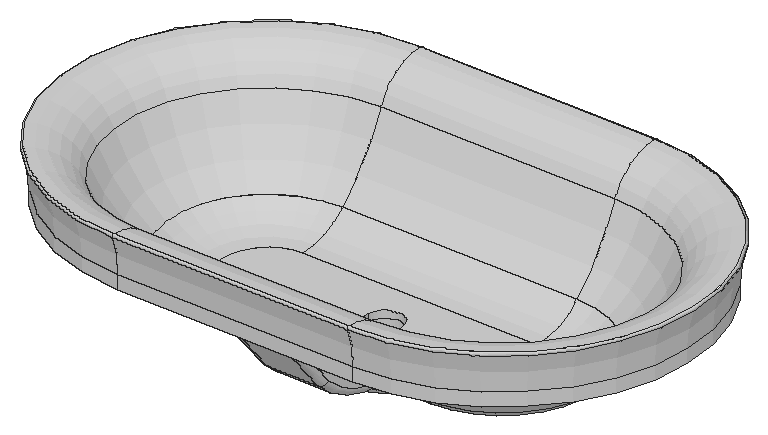
Revit family "Basin-Vanity_Sink-American_Standard-Studio_S-1296000", category Plumbing Fixtures, Revit 2019
Family settings
  Round Connector Dimension = Use Diameter
  Part Type = Normal
  OmniClass Number = 23.45.05.14.14
  OmniClass Title = Sinks/Lavatories
  Work Plane-Based = Yes
  Always vertical = No
  Cut with Voids When Loaded = Yes
  Shared = Yes
  Room Calculation Point = No
Parameters (values of type "1296000.020")
  Width = 22 1/2"  # constant formula
  Waste Connection Diameter = 1 1/4"  # constant formula
  Waste Connection = yes
  Warranty Documentation Link = "https://www.americanstandard-us.com/parts-support/warranty"
  WFU = 2
  Vent Connection = no
  URL = "http://www.americanstandard-us.com/"
  Type Comments = "ADA Not compliant when used with optional furniture."
  Sink To Front Edge = if(Sink to Front Edge Constraint < 3", 3", Sink to Front Edge Constraint)  # 3"
  Revised Date = "10/18/2021"  # constant formula
  Product Page URL = "https://www.americanstandard-us.com/Above-Counter-Sinks-with-Vessel/Studio-S-Above-Counter-Oval-Sink/WHITE-1296000020"
  Product Documentation Link = "https://americanstandard.box.com/shared/static/fsn3m6k44rciohy1sfkn4swwe5k93yeo.pdf"
  Price = "Prices may vary. Please consult Manufacturer Representative for most up-to-date price list."  # constant formula
  Model = "1296000.020"
  Material = "Vitreous China-American Standard-020-White"
  Manufacturer = "American Standard"  # constant formula
  Length = 14"  # constant formula
  Installation Type = "Counter"  # constant formula
  Height = 1 7/8"  # constant formula
  HWFU = 1.5
  HW Connection = yes
  Sink to Front Edge Constraint = 0"
  Finished Wall to Faucet Constraint = 0"
  Finished Wall to Faucet = if(Finished Wall to Faucet Constraint < 1 1/2", 1 1/2", Finished Wall to Faucet Constraint)  # 1 1/2"
  Finish = Vitreous China-American Standard-020-White
  Faucet to Sink Constraint = 0"
  Faucet to Sink = if(Faucet to Sink Constraint < 2", 2", Faucet to Sink Constraint)  # 2"
  Description = "Studio® S Above Counter Sink and Optional Furniture VITREOUS CHINA  BARRIER FREE"
  Default Elevation = 31"
  Creation Date = "5/07/2018"  # constant formula
  Connection Size = 1/2"  # constant formula
  CWFU = 1.5
  CW Connection = yes
  Basin Shape = "Oval"  # constant formula
  Assembly Code = "D2010310"
  ASME A112.18.1/CSA B125.1 = yes
  ADA Compliant = yes
  8726033 33" Double Drawer Vanity = no
  87222000 Vanity leg set = no
  8727000 Vanity Middle = no
  7813001 Above Counter Sink top with CHO hole = no
  7720018 Optional decorative p-trap drain = no
Reference planes
  plane 1 "Center (Front/Back)": y = 0
  plane 2: z = 0
  plane 3 "Center (Left/Right)": x = 0
  plane 4: z = 47.625
  plane 5: z = -273.05
  plane 6: z = -327.025
  plane 7: x = 101.6
  plane 8: x = -101.6
  plane 9: z = -69.85
  plane 10: x = -285.75
  plane 11: x = 285.75
  plane 12: y = -88.9
  plane 13: y = -266.7
  plane 14: x = -101.6
  plane 15: x = 101.6
  plane 16: z = -104.775
  plane 17: z = 3.175
  plane 18: y = -444.5
  plane 19: y = -38.1
  plane 20: z = -787.4
  plane 21: y = -520.7
Forms (mm)
  Extrusion 1, solid, not visible
    sketch origin (0, 0, 0) x (1, 0, 0) y (0, 0, 1)
      loop
        circle (0, -327.025) r 15.875
      loop
        circle (101.6, -273.05) r 6.35
      loop
        circle (-101.6, -273.05) r 6.35
    from 0 to 0.794
  Sweep 2, solid, material "Vitreous China-American Standard-020-White" <- "Finish"
    path origin (-136.337, -4572, 47.625) x (1, 0, 0) y (0, -1, 0)
      loop
        line (28.369, -4483.1) -> (244.3, -4483.1)
        arc (244.3, -4483.1) -> (422.1, -4305.3) -> (244.3, -4127.5) r 177.8
        line (244.3, -4127.5) -> (28.369, -4127.5)
        arc (28.369, -4127.5) -> (-149.431, -4305.3) -> (28.369, -4483.1) r 177.8
    profile origin (-0.003, -88.9, 47.625) x (0, 1, 0) y (0, 0, 1)
      loop
        arc (-136.846, -117.475) -> (-109.965, -112.386) -> (-86.805, -97.822) r 73.534
        arc (-86.805, -97.822) -> (-69.405, -79.259) -> (-54.734, -58.472) r 183.853
        arc (-54.734, -58.472) -> (-51.087, -52.913) -> (-47.059, -47.625) r 94.429
        line (-47.059, -47.625) -> (-6.242, -47.625) -> (-6.242, -35.262)
        arc (-6.242, -35.262) -> (-4.697, -18.538) -> (-0.116, -2.38) r 91.314
        arc (-0.116, -2.38) -> (-0.29, -0.795) -> (-1.684, -0.02) r 1.735
        arc (-1.684, -0.02) -> (-29.244, -7.778) -> (-47.452, -29.873) r 47.884
        arc (-47.452, -29.873) -> (-65.82, -63.915) -> (-91.126, -93.169) r 177.503
        arc (-91.126, -93.169) -> (-112.286, -106.475) -> (-136.846, -111.125) r 67.184
        line (-136.846, -111.125) -> (-145.383, -111.125) -> (-145.383, -117.475) -> (-136.846, -117.475)
  Extrusion 3, solid, material "Vitreous China-American Standard-020-White" <- "Finish"
    sketch origin (0, 96.837, 0) x (1, 0, 0) y (0, 1, 0)
      loop
        arc (-107.969, -331.12) -> (-140.386, -363.538) -> (-107.969, -395.955) r 32.417
        line (-107.969, -395.955) -> (107.962, -395.955)
        arc (107.962, -395.955) -> (140.379, -363.538) -> (107.962, -331.12) r 32.417
        line (107.962, -331.12) -> (-107.969, -331.12)
    from -69.85 to -63.5
  Revolve 4, solid, material "Vitreous China-American Standard-020-White" <- "Finish"
    sketch origin (1524, -266.7, 1219.2) x (1, 0, 0) y (0, 0, 1)
      loop
        line (-1539.875, -1323.975) -> (-1539.875, -1289.05) -> (-1567.548, -1289.05)
        arc (-1567.548, -1289.05) -> (-1563.44, -1291.391) -> (-1561.509, -1295.708) r 7.607
        line (-1561.509, -1295.708) -> (-1558.99, -1319.691)
        arc (-1558.99, -1319.691) -> (-1557.433, -1322.746) -> (-1554.233, -1323.975) r 4.783
        line (-1554.233, -1323.975) -> (-1539.875, -1323.975)
      axis (-1524, -1289.05) -> (-1524, -1323.975)
    angle from 0 to 360
  Sweep 5, solid, material "Vitreous China-American Standard-020-White" <- "Finish"
    path origin (0, 93.662, 14.287) x (0, 1, 0) y (0, 0, 1)
      loop
        arc (-531.425, -0.028) -> (-518.304, -13.033) -> (-506.869, -27.543) r 151.003
        arc (-506.869, -27.543) -> (-487.756, -52.709) -> (-466.537, -76.125) r 364.721
        arc (-466.537, -76.125) -> (-435.728, -96.908) -> (-399.289, -104.211) r 94.551
        line (-399.289, -104.211) -> (-379.413, -104.211)
    profile origin (0, -295.688, -89.924) x (0, 0, 1) y (1, 0, 0)
      loop
        arc (0, -23.684) -> (1.86, -28.174) -> (6.35, -30.034) r 6.35
        line (6.35, -30.034) -> (24.368, -30.034) -> (24.368, 30.034) -> (6.35, 30.034)
        arc (6.35, 30.034) -> (1.86, 28.174) -> (0, 23.684) r 6.35
        line (0, 23.684) -> (0, -23.684)
      loop
        line (21.193, -26.859) -> (21.193, 26.859) -> (6.35, 26.859)
        arc (6.35, 26.859) -> (4.105, 25.929) -> (3.175, 23.684) r 3.175
        line (3.175, 23.684) -> (3.175, -23.684)
        arc (3.175, -23.684) -> (4.105, -25.929) -> (6.35, -26.859) r 3.175
        line (6.35, -26.859) -> (21.193, -26.859)
  Revolve 6, void
    sketch origin (0, -9.14, 273.232) x (0, 0.829038, 0.559193) y (0, -0.559193, 0.829038)
      loop
        line (-482.855, -13.808) -> (-457.876, -13.808) -> (-457.876, -4.082) -> (-482.855, -4.082) -> (-482.855, -13.808)
      axis (-482.855, -13.808) -> (-457.876, -13.808)
    angle from 0 to 360
  Extrusion 7, void
    sketch origin (0, 96.837, 0) x (1, 0, 0) y (0, 1, 0)
      loop
        circle (0, -363.538) r 15.875
    from -119.063 to 0
Cuts and joins
  Revolve 6, Extrusion 7 cuts Sweep 2
  Extrusion 7 cuts Extrusion 3
  Extrusion 7 cuts Revolve 4
  Revolve 6, Extrusion 7 cuts Sweep 5
  joined: Sweep 2, Extrusion 3, Revolve 4, Sweep 5
Lines and regions (mm)
  Masking region 1
    outline origin (-136.337, -4572, 47.625) x (0, -1, 0) y (1, 0, 0)
      loop
        line (-4483.1, 244.3) -> (-4483.1, 28.369)
        arc (-4483.1, 28.369) -> (-4305.3, -149.406) -> (-4127.525, 28.369) r 177.775
        line (-4127.525, 28.369) -> (-4127.5, 244.3)
        arc (-4127.5, 244.3) -> (-4305.3, 422.075) -> (-4483.1, 244.3) r 177.775
  symbolic lines, detail levels medium+fine
    curve 1: spline (9.648, -388.666, 0) -> (9.317, -389.864, 0) -> (8.35, -390.98, 0) -> (6.81, -391.938, 0) -> (4.804, -392.673, 0) -> (2.468, -393.135, 0) -> (-0.039, -393.293, 0) -> (-2.546, -393.135, 0) -> (-4.883, -392.673, 0) -> (-6.889, -391.938, 0) -> (-8.428, -390.98, 0) -> (-9.396, -389.864, 0) -> (-9.726, -388.666, 0) -> (-9.396, -387.469, 0) -> (-8.428, -386.353, 0) -> (-6.889, -385.395, 0) -> (-4.883, -384.66, 0) -> (-2.546, -384.198, 0) -> (-0.039, -384.04, 0) -> (2.468, -384.198, 0) -> (4.804, -384.66, 0) -> (6.81, -385.395, 0) -> (8.35, -386.353, 0) -> (9.317, -387.469, 0) -> (9.648, -388.666, 0)
    curve 2: circle (0, -266.7, 0) r 15.875 normal (0, 0, 1)
  symbolic lines, detail levels fine
    curve 3: line (107.962, -95.25, 47.625) -> (-107.969, -95.25, 47.625)
    curve 4: arc (-107.969, -95.275, 47.625) -> (-279.394, -266.7, 47.625) -> (-107.969, -438.125, 47.625) r 171.425
    curve 5: line (-107.969, -438.15, 47.625) -> (107.962, -438.15, 47.625)
    curve 6: arc (107.962, -438.125, 47.625) -> (279.388, -266.7, 47.625) -> (107.962, -95.275, 47.625) r 171.425
Dimensions and locks
  "Height": plane 4 to plane 2
  plane 4 to plane 9 = 4 5/8"
  locked: level to plane 5 at 273.05
  locked: level to plane 6 at 327.025
  locked: plane 8 to plane 7 at 203.2
  equal spacing: plane 18, plane 13, plane 12
  equal spacing: plane 10, plane 3 "Center (Left/Right)", plane 11
  "Width": plane 10 to plane 11
  plane 4 to plane 16 = 6"
  locked: plane 17 to level at 3.175
  "Length": plane 18 to plane 12
  "Faucet to Sink": plane 19 to plane 12
  "Finished Wall to Faucet": plane 1 "Center (Front/Back)" to plane 19
  "Default Elevation": plane 20 to level
  "Sink To Front Edge": plane 21 to plane 18
  aligned and locked: Extrusion 3 sketch curve to cut or joined group of Sweep 2, Extrusion 3, Revolve 4, Sweep 5, Revolve 6, Extrusion 7  (x2)
  aligned and locked: plane 9 to Extrusion 3
  aligned and locked: plane 13 to Extrusion 7 sketch curve
  aligned and locked: plane 3 "Center (Left/Right)" to Extrusion 7 sketch curve
  aligned and locked: level to Extrusion 7
  aligned and locked: curve 2 to cut or joined group of Sweep 2, Extrusion 3, Revolve 4, Sweep 5, Revolve 6, Extrusion 7
  aligned and locked: Sweep 2 to Extrusion 3
  aligned and locked: Extrusion 1 to plane 1 "Center (Front/Back)"
  aligned and locked: plane 3 "Center (Left/Right)" to cut or joined group of Sweep 2, Extrusion 3, Revolve 4, Sweep 5, Revolve 6, Extrusion 7
Automatic sketch dimensions
  Extrusion 1 sketch curve to plane 5 = 0"  (x2)
  plane 8 to Extrusion 1 sketch curve = 0"
  Extrusion 1 sketch curve to plane 3 "Center (Left/Right)" = 0"
  Extrusion 1 sketch curve to plane 7 = 0"
  Extrusion 1 sketch curve to plane 6 = 0"
  Sweep 2 sketch curve to plane 8 = 0.25073"
  Sweep 2 sketch curve to plane 7 = 0.25049"
  plane 12 to Sweep 2 sketch curve = 0"
  plane 13 to Sweep 2 sketch curve = 0"
  Revolve 4 sketch curve to plane 9 = 0"
  Revolve 4 sketch curve to plane 16 = 0"
  Revolve 4 sketch curve to plane 3 "Center (Left/Right)" = 0"
  Revolve 4 sketch curve to plane 3 "Center (Left/Right)" = 5/8"
  Revolve 4 sketch curve to Revolve 4 sketch curve = 0.56526"
  Revolve 4 sketch curve to plane 16 = 0.16864"
  Revolve 4 sketch curve to Revolve 4 sketch curve = 0.18728"
  plane 9 to Revolve 4 sketch curve = 0.26212"
  Revolve 4 sketch curve to Revolve 4 sketch curve = 0.85172"
  Revolve 4 sketch curve to Revolve 4 sketch curve = 0.23778"
  plane 9 to Revolve 4 sketch curve = 0.2934"
  plane 16 to Revolve 4 sketch curve = 1.11474"
  Revolve 4 sketch curve to Revolve 4 sketch curve = 1/2"
  Sweep 5 sketch curve to plane 16 = 0.21596"
  plane 18 to Sweep 5 sketch curve = 3.65367"
  plane 17 to Sweep 5 sketch curve = 0.05718"
  plane 13 to Sweep 5 sketch curve = 1.53254"
  plane 12 to Sweep 5 sketch curve = 0.96743"
  Sweep 5 sketch curve to plane 16 = 0.58469"
  plane 4 to Sweep 5 sketch curve = 5.78423"
  Sweep 5 sketch curve to plane 18 = 0.26527"
  Sweep 5 sketch curve to level = 0.52188"
  Sweep 5 sketch curve to Sweep 5 sketch curve = 0"  (x5)
  plane 13 to Sweep 5 sketch curve = 3/4"
  Sweep 5 sketch curve to profile plane = 0"
  Sweep 5 sketch curve to profile plane = 1/8"
  Sweep 5 sketch curve to Sweep 5 sketch curve = 1/8"  (x2)
  Sweep 5 sketch curve to profile plane = 1/4"
  Sweep 5 sketch curve to Sweep 5 sketch curve = 0.58439"
  Sweep 5 sketch curve to plane 3 "Center (Left/Right)" = 1.18245"
  plane 3 "Center (Left/Right)" to Sweep 5 sketch curve = 0.93245"
  Revolve 6 sketch curve to level = 0.32382"
  Revolve 6 sketch curve to plane 18 = 1.68409"
  Revolve 6 sketch curve to Revolve 6 sketch curve = 0.98344"
  Revolve 6 sketch curve to Revolve 6 sketch curve = 0.3829"
  Revolve 6 sketch curve to Revolve 6 sketch curve = 0.42789"
  Revolve 6 sketch curve to Revolve 6 sketch curve = 0.14344"
  Revolve 6 sketch curve to Revolve 6 sketch curve = 0"
  curve 1 to plane 3 "Center (Left/Right)" = 0.00154"
  plane 3 "Center (Left/Right)" to curve 1 = 0.37983"
  curve 1 to plane 18 = 2.19817"
  Masking region 1 sketch curve to plane 12 = 0"
  plane 13 to Masking region 1 sketch curve = 0"  (x2)
  plane 10 to Masking region 1 sketch curve = 6.99927"  (x2)
  Masking region 1 sketch curve to plane 11 = 6.99951"  (x2)
  plane 18 to Masking region 1 sketch curve = 0"
  plane 7 to Masking region 1 sketch curve = 0.25049"
  plane 8 to Masking region 1 sketch curve = 0.25073"
  plane 12 to Masking region 1 sketch curve = 0.00098"  (x2)
  Sweep 2 sketch curve to Sweep 2 sketch curve = 0"  (x8)
  plane 4 to Sweep 2 sketch curve = 1.45252"
  profile plane to Sweep 2 sketch curve = 8.34326"
  profile plane to Sweep 2 sketch curve = 5.72374"
  Sweep 2 sketch curve to Sweep 2 sketch curve = 0.33612"
  profile plane to Sweep 2 sketch curve = 1.85271"
  Sweep 2 sketch curve to Sweep 2 sketch curve = 0.12433"
  profile plane to Sweep 2 sketch curve = 0.06831"
  Sweep 2 sketch curve to profile plane = 1.02357"
  Sweep 2 sketch curve to plane 4 = 1.38827"
  Sweep 2 sketch curve to plane 4 = 1.72997"
  Sweep 2 sketch curve to Sweep 2 sketch curve = 0.0102"
  Sweep 2 sketch curve to Sweep 2 sketch curve = 2.34524"
  Sweep 2 sketch curve to Sweep 2 sketch curve = 2.64503"
  Sweep 2 sketch curve to Sweep 2 sketch curve = 1/4"
  Sweep 2 sketch curve to plane 4 = 0.0691"
  profile plane to Sweep 2 sketch curve = 0.24574"
  Sweep 2 sketch curve to Sweep 2 sketch curve = 0.48673"
  Sweep 2 sketch curve to profile plane = 3.34929"
  plane 13 to curve 6 = 0"
  curve 5 to curve 4 = 0"
  curve 3 to curve 4 = 0"
  curve 3 to curve 6 = 0"
  curve 5 to curve 6 = 0"
  curve 6 to plane 12 = 0.25098"
  curve 4 to plane 12 = 0.25098"
  curve 3 to curve 6 = 0.00098"
  curve 4 to curve 5 = 0.00098"
  plane 13 to curve 4 = 0"
  curve 4 to plane 8 = 0.25073"
  curve 6 to plane 7 = 0.25049"
  radius of Extrusion 1 sketch curve = 5/8"
  radius of Extrusion 1 sketch curve = 1/4"  (x2)
  radius of Extrusion 7 sketch curve = 5/8"
Connectors
  piping at (-101.6, 0, -273.05), diameter 12.7, driven by "HWFU", driven by "Connection Size"
    settings: on Extrusion 1, index 1, connector inside diameter 24", connector length 0", flow factor 0, pipe flow 0 GPM, pressure drop 0.00 psi, fitting loss kfactor 0, connector angle 0.00°, fixture units 1.5, engagement length 0", angle of deflection 0.00°, flow configuration 3, flow direction 1, fitting loss method 0, system type 19, joint type 0, gender type 0, connector reference index -1, connector utility 0, adjustable connector no, is connector primary yes, connector description "1/2\" HW Inlet supply"
  piping at (0, 0, -327.025), diameter 31.75, driven by "WFU", driven by "Waste Connection Diameter"
    settings: on Extrusion 1, index 2, connector inside diameter 24", connector length 0", flow factor 0, pipe flow 0 GPM, pressure drop 0.00 psi, fitting loss kfactor 0, connector angle 0.00°, fixture units 2, engagement length 0", angle of deflection 0.00°, flow configuration 3, flow direction 2, fitting loss method 0, system type 16, joint type 0, gender type 0, connector reference index -1, connector utility 0, adjustable connector yes, is connector primary no, connector description "1 1/4\" Waste Outlet Supply"
  piping at (101.6, 0, -273.05), diameter 12.7, driven by "CWFU", driven by "Connection Size"
    settings: on Extrusion 1, index 3, connector inside diameter 24", connector length 0", flow factor 0, pipe flow 0 GPM, pressure drop 0.00 psi, fitting loss kfactor 0, connector angle 0.00°, fixture units 1.5, engagement length 0", angle of deflection 0.00°, flow configuration 3, flow direction 1, fitting loss method 0, system type 20, joint type 0, gender type 0, connector reference index -1, connector utility 0, adjustable connector no, is connector primary no, connector description "1/2\" CW Inlet Supply"
